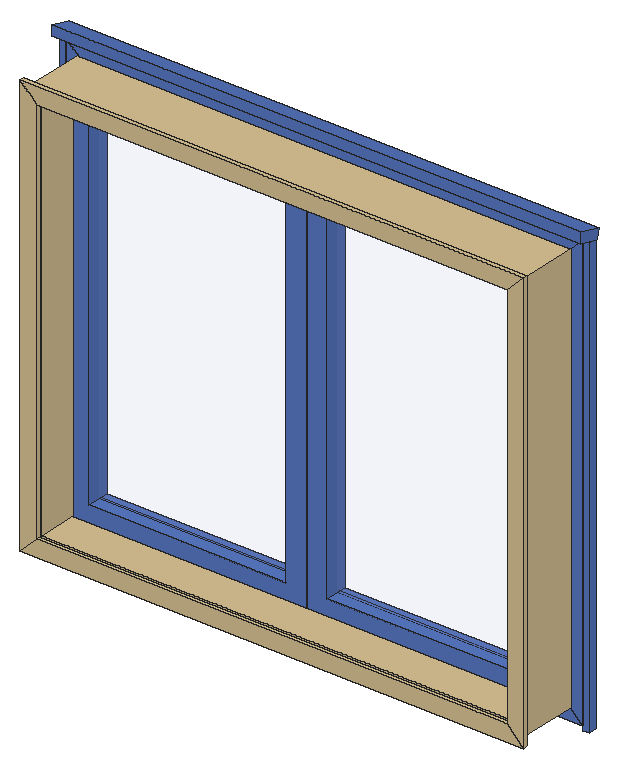
Revit family
Parameters (values of type "1200 x 1000")
  Structural Tolerance = 5 mm
  Rough Width = Width + (2 * Structural Tolerance)  # 1210 mm
  Packer = 25 mm
  Operation = "DoublePanelVertical"
  Keynote = "45-13-002"
  JambRebate = 20 mm
  Height = 1000 mm
  Wall Closure = (empty or 0)
  Width = 1200 mm
  CoverBd_Width = 45 mm
  CoverBd_Offset = 5 mm
  Construction Type = "Timber"
  Assembly Code = ""
Types (5, lengths in mm): name | Rough Width | Keynote | Height | Width
  1200 x 1400 | 1210 | "45-13-005" | 1400 | 1200
  1000 x 1200 | 1010 | "45-13-003" | 1200 | 1000
  1600 x 1400 | 1610 | "45-13-006" | 1400 | 1600
  1800 x 1200 | 1810 | "45-13-004" | 1200 | 1800
  1200 x 1000 | 1210 | "45-13-002" | 1000 | 1200
Reference planes
  plane 1: y = 0
  plane 2 "Center (Left/Right)": x = 18.689
  plane 3 "Frame Left": x = -581.311
  plane 4 "Frame Right": x = 618.689
  plane 5 "Sill": z = 709.8
  plane 6 "Frame Head": z = 1709.8
  plane 7 "Exterior": y = 75
  plane 8 "Interior": y = -75
  plane 9: y = 20
  plane 10: z = 1549.8
  plane 11: y = -75
  plane 12 "Glassline": y = 50
  plane 13: y = 75
  plane 14: z = 2145
  plane 15 "JambRebate": z = 729.8
  plane 16: z = 724.8
  plane 17 "BottomOfScriber": z = 669.8
  plane 18 "Structural Tolerance L": x = -586.311
  plane 19 "Structural Tolerance R": x = 623.689
  plane 20 "Structural Tolerance T": z = 1714.8
  plane 21: x = -271.64
  plane 22: x = 309.019
  plane 23: x = -561.969
  plane 24: x = 599.348
  plane 25: y = 20
  plane 26: x = -611.311
  plane 27: x = 648.689
Forms (mm)
  Sweep 1, solid, detail levels medium+fine
    path origin (0, 75, 0) x (1, 0, 0) y (0, 0, 1)
      loop
        line (618.689, 709.8) -> (618.689, 1709.8) -> (-581.311, 1709.8) -> (-581.311, 709.8) -> (618.689, 709.8)
    profile origin (18.689, 75, 0) x (0, 0, -1) y (0, -1, 0)
      loop
        line (-709.141, 0) -> (-709.141, 150) -> (-741.141, 150) -> (-741.141, 55) -> (-729.141, 55) -> (-729.141, 0) -> (-709.141, 0)
  Sweep 2, solid, detail levels fine
    path origin (0, -75, 0) x (1, 0, 0) y (0, 0, 1)
      loop
        line (-549.969, 741.141) -> (587.348, 741.141) -> (587.348, 1678.458) -> (-549.969, 1678.458) -> (-549.969, 741.141)
    profile origin (18.689, -75, 0) x (0, 0, 1) y (0, -1, 0)
      loop
        line (736.141, 0) -> (736.141, 10) -> (696.141, 10) -> (696.141, 0) -> (736.141, 0)
  Extrusion 3, solid, detail levels medium+fine
    sketch origin (0, 75, 0) x (1, 0, 0) y (0, 0, 1)
      loop
        line (599.348, 729.141) -> (599.348, 1690.458) -> (18.689, 1690.458) -> (18.689, 729.141) -> (599.348, 729.141)
      loop
        line (549.348, 779.141) -> (549.348, 1640.458) -> (68.689, 1640.458) -> (68.689, 779.141) -> (549.348, 779.141)
    from 0 to 55
  Sweep 4, solid, detail levels medium+fine
    path origin (0, 75, 0) x (1, 0, 0) y (0, 0, 1)
      loop
        line (618.689, 709.8) -> (618.689, 1709.8) -> (-581.311, 1709.8) -> (-581.311, 709.8) -> (618.689, 709.8)
    profile origin (18.689, 75, 0) x (0, 0, -1) y (0, -1, 0)
      loop
        line (-679.8, 0) -> (-724.8, 0) -> (-724.8, -15) -> (-679.8, -15) -> (-679.8, 0)
  Sweep 5, solid, detail levels medium+fine
    path origin (0, 75, 0) x (1, 0, 0) y (0, 0, 1)
      loop
        line (663.689, 1739.8) -> (-626.311, 1739.8)
    profile origin (18.689, 0, 0) x (0, 0, -1) y (0, -1, 0)
      loop
        line (-1736.618, -96.876) -> (-1749.178, -50) -> (-1774.178, -50) -> (-1759.943, -103.126) -> (-1736.618, -96.876)
  Extrusion 6, solid, detail levels medium+fine
    sketch origin (0, 0, 669.8) x (0, 1, 0) y (-1, 0, 0)
      loop
        line (75, 611.311) -> (95, 611.311) -> (95, 626.311) -> (75, 626.311) -> (75, 611.311)
    from 0 to 1070
  Extrusion 7, solid, detail levels medium+fine
    sketch origin (0, 0, 669.8) x (0, 1, 0) y (-1, 0, 0)
      loop
        line (75, -648.689) -> (75, -663.689) -> (95, -663.689) -> (95, -648.689) -> (75, -648.689)
    from 0 to 1070
  Extrusion 8, solid, detail levels fine
    sketch origin (-480.659, 75, 0) x (1, 0, 0) y (0, 0, 1)
      loop
        line (449.348, 779.141) -> (449.348, 1640.458) -> (-31.311, 1640.458) -> (-31.311, 779.141) -> (449.348, 779.141)
    from 25 to 19
  Extrusion 9, solid, detail levels fine
    sketch origin (100, 95, 0) x (1, 0, 0) y (0, 0, 1)
      loop
        line (449.348, 779.141) -> (449.348, 1640.458) -> (-31.311, 1640.458) -> (-31.311, 779.141) -> (449.348, 779.141)
    from 45 to 39
  Extrusion 10, solid, detail levels medium+fine
    sketch origin (-480.659, 75, 0) x (1, 0, 0) y (0, 0, 1)
      loop
        line (499.348, 729.141) -> (499.348, 1690.458) -> (-81.311, 1690.458) -> (-81.311, 729.141) -> (499.348, 729.141)
      loop
        line (449.348, 779.141) -> (449.348, 1640.458) -> (-31.311, 1640.458) -> (-31.311, 779.141) -> (449.348, 779.141)
    from 0 to 55
Lines and regions (mm)
  Opening 1
    outline origin (3021.451, -75, 0) x (1, 0, 0) y (0, 0, 1)
      loop
        line (-2397.761, 709.8) -> (-2397.761, 1714.8) -> (-3607.761, 1714.8) -> (-3607.761, 709.8) -> (-2397.761, 709.8)
  symbolic lines, style "Elevation Swing"
    curve 1: line (-561.969, 0, 729.141) -> (-271.64, 0, 1549.8)
    curve 2: line (599.348, 0, 729.141) -> (309.019, 0, 1549.8)
    curve 6: line (18.689, 0, 729.141) -> (-271.64, 0, 1549.8)
    curve 7: line (18.689, 0, 729.141) -> (309.019, 0, 1549.8)
  symbolic lines, style "WindowsGlassProjection", detail levels coarse
    curve 3: line (-581.969, 20, 0) -> (619.348, 20, 0)
  symbolic lines, style "Elevation Swing", detail levels medium
    curve 4: line (309.019, 0, 1549.8) -> (18.689, 0, 729.141)
    curve 5: line (309.019, 0, 1549.8) -> (18.689, 0, 729.141)
  symbolic lines, style "Sash", detail levels coarse
    curve 8: line (-31.311, 75, 0) -> (-31.311, 20, 0)
  symbolic lines, style "Sash", detail levels coarse+medium
    curve 9: line (68.689, 75, 0) -> (68.689, 20, 0)
  symbolic lines, style "Sash", detail levels medium
    curve 10: line (-511.969, 50, 0) -> (-31.311, 50, 0)
    curve 11: line (68.689, 50, 0) -> (549.348, 50, 0)
  symbolic lines, style "WindowsFrameMullionProjection", detail levels coarse
    curve 12: line (619.348, 75, 0) -> (619.348, -75, 0)
    curve 13: line (-581.969, 75, 0) -> (-581.969, -75, 0)
Text (mm)
  text "EXTERIOR" at (-1478.469, 899.698, 0), in view "Ref. Level"
  text "INTERIOR" at (-1428.629, -408.222, 0), in view "Ref. Level"
  text "Exterior" at (0, 923.751, 2943.296), in view "Right"
  text "Exterior" at (0, 1040.484, 2685.409), in view "Left"
Dimensions and locks
  equal spacing: plane 3 "Frame Left", plane 2 "Center (Left/Right)", plane 4 "Frame Right"
  "Width": plane 3 "Frame Left" to plane 4 "Frame Right"
  "Height": plane 5 "Sill" to plane 6 "Frame Head"
  plane 5 "Sill" to level = 709.8 mm
  locked: plane 7 "Exterior" to host wall at 0
  locked: plane 8 "Interior" to host wall
  locked: plane 10 to plane 6 "Frame Head" at 160
  "CoverBd_Width": Sweep 4 to Sweep 4  (x2)
  "JambRebate": plane 5 "Sill" to plane 15 "JambRebate"
  "CoverBd_Offset": plane 16 to plane 15 "JambRebate"
  profile plane to plane 16 = 15 mm
  "CoverBd_Width": Sweep 4 to plane 16
  "Rough Width": plane 18 "Structural Tolerance L" to plane 19 "Structural Tolerance R"
  "Structural Tolerance": plane 6 "Frame Head" to plane 20 "Structural Tolerance T"
  locked: plane 3 "Frame Left" to plane 23 at 19.341
  locked: plane 24 to plane 4 "Frame Right" at 19.341
  equal spacing: plane 23, plane 21, plane 2 "Center (Left/Right)"
  equal spacing: plane 2 "Center (Left/Right)", plane 22, plane 24
  locked: plane 17 "BottomOfScriber" to plane 16 at 55
  locked: plane 25 to plane 7 "Exterior" at 55
  locked: plane 12 "Glassline" to plane 7 "Exterior" at 25
  locked: Extrusion 8 to plane 12 "Glassline" at 6
  locked: Extrusion 9 to Extrusion 9 at 6
  plane 6 "Frame Head" to plane 20 "Structural Tolerance T" = 5 mm
  "Structural Tolerance": plane 18 "Structural Tolerance L" to plane 3 "Frame Left"
  "Packer": plane 26 to plane 18 "Structural Tolerance L"
  "Packer": plane 19 "Structural Tolerance R" to plane 27
  aligned and locked: host wall to Sweep 1 sketch curve
  aligned and locked: plane 8 "Interior" to Sweep 1 sketch curve
  aligned and locked: plane 11 to host wall
  aligned and locked: Sweep 1 to Sweep 2 sketch curve  (x2)
  aligned and locked: Sweep 2 sketch curve to Sweep 1  (x3)
  aligned and locked: plane 13 to host wall
  aligned and locked: Sweep 1 sketch curve to Sweep 1 sketch curve
  aligned and locked: Sweep 1 to Extrusion 3 sketch curve
  aligned and locked: plane 16 to Sweep 4 sketch curve
  aligned and locked: Sweep 4 sketch curve to plane 5 "Sill"
  aligned and locked: Sweep 4 sketch curve to plane 3 "Frame Left"
  aligned and locked: Sweep 1 to curve 3  (x2)
  aligned and locked: Sweep 1 to plane 13  (x2)
  aligned and locked: Sweep 5 sketch curve to plane 12 "Glassline"
  aligned and locked: Sweep 5 sketch curve to Sweep 4
  aligned and locked: Extrusion 6 sketch curve to plane 13
  aligned and locked: plane 13 to Extrusion 7 sketch curve
  aligned and locked: plane 13 to Extrusion 3
  aligned and locked: plane 22 to curve 2
  aligned and locked: plane 21 to curve 1
  aligned and locked: curve 6 to Extrusion 3
  aligned and locked: Sweep 1 to curve 1
  aligned and locked: plane 25 to Sweep 1
  aligned and locked: Extrusion 3 to plane 25
  aligned and locked: plane 12 "Glassline" to Extrusion 8
  aligned and locked: Extrusion 9 to plane 12 "Glassline"
  aligned and locked: plane 25 to Extrusion 3
  aligned and locked: Opening 1 sketch curve to plane 18 "Structural Tolerance L"
  aligned and locked: Opening 1 sketch curve to plane 19 "Structural Tolerance R"
  aligned and locked: plane 20 "Structural Tolerance T" to Opening 1 sketch curve
  aligned and locked: Sweep 1 sketch curve to plane 3 "Frame Left"
  aligned and locked: plane 6 "Frame Head" to Sweep 1 sketch curve
  aligned and locked: plane 4 "Frame Right" to Sweep 1 sketch curve
  aligned and locked: curve 12 to Sweep 1
  aligned and locked: curve 13 to Sweep 1
  aligned and locked: curve 9 to Extrusion 3
  aligned and locked: Sweep 4 sketch curve to plane 6 "Frame Head"
  aligned and locked: Sweep 4 to Extrusion 7
  aligned and locked: Extrusion 6 to Sweep 4
Automatic sketch dimensions
  Opening 1 sketch curve to plane 5 "Sill" = 0 mm
  Sweep 1 sketch curve to plane 7 "Exterior" = 0 mm
  profile plane to Sweep 1 sketch curve = 31.341 mm
  profile plane to Sweep 1 sketch curve = 19.341 mm
  Sweep 1 sketch curve to profile plane = 0.659 mm
  plane 7 "Exterior" to Sweep 1 sketch curve = 55 mm
  profile plane to Sweep 2 sketch curve = 45 mm
  profile plane to Sweep 2 sketch curve = 5 mm
  Sweep 2 sketch curve to Sweep 2 sketch curve = 10 mm
  Sweep 4 sketch curve to plane 4 "Frame Right" = 0 mm
  Sweep 4 sketch curve to plane 7 "Exterior" = 0 mm
  Sweep 4 sketch curve to profile plane = 30 mm
  Sweep 4 sketch curve to plane 7 "Exterior" = 15 mm
  profile plane to Sweep 5 sketch curve = 34.378 mm
  profile plane to Sweep 5 sketch curve = 20.143 mm
  profile plane to Sweep 5 sketch curve = 9.378 mm
  Sweep 5 sketch curve to profile plane = 3.182 mm
  plane 3 "Frame Left" to Sweep 5 sketch curve = 45 mm
  Sweep 5 sketch curve to plane 4 "Frame Right" = 45 mm
  host wall to Extrusion 6 sketch curve = 20 mm
  plane 3 "Frame Left" to Extrusion 6 sketch curve = 30 mm
  Extrusion 6 sketch curve to Extrusion 6 sketch curve = 15 mm
  host wall to Extrusion 7 sketch curve = 20 mm
  Extrusion 7 sketch curve to plane 4 "Frame Right" = 45 mm
  Extrusion 7 sketch curve to Extrusion 7 sketch curve = 15 mm
  Extrusion 3 sketch curve to plane 24 = 0 mm
  plane 2 "Center (Left/Right)" to Extrusion 3 sketch curve = 50 mm
  Extrusion 3 sketch curve to plane 24 = 50 mm
  Extrusion 3 sketch curve to plane 15 "JambRebate" = 49.341 mm
  plane 6 "Frame Head" to Extrusion 3 sketch curve = 69.341 mm
  plane 6 "Frame Head" to Extrusion 3 sketch curve = 19.341 mm
  Extrusion 3 sketch curve to plane 2 "Center (Left/Right)" = 0 mm
  plane 23 to Extrusion 8 sketch curve = 50 mm
  Extrusion 8 sketch curve to plane 2 "Center (Left/Right)" = 50 mm
  Extrusion 8 sketch curve to plane 15 "JambRebate" = 49.341 mm
  plane 6 "Frame Head" to Extrusion 8 sketch curve = 69.341 mm
  curve 5 to plane 10 = 0 mm
  curve 1 to plane 10 = 0 mm
  curve 2 to plane 24 = 0 mm
  curve 1 to plane 23 = 0 mm
  plane 15 "JambRebate" to curve 5 = 0.659 mm
  plane 15 "JambRebate" to curve 2 = 0.659 mm
  plane 2 "Center (Left/Right)" to Extrusion 9 sketch curve = 50 mm
  Extrusion 9 sketch curve to plane 24 = 50 mm
  Extrusion 9 sketch curve to plane 15 "JambRebate" = 49.341 mm
  plane 6 "Frame Head" to Extrusion 9 sketch curve = 69.341 mm
  curve 13 to host wall = 0 mm  (x2)
  curve 12 to host wall = 0 mm  (x2)
  Extrusion 10 sketch curve to plane 23 = 0 mm
  Extrusion 10 sketch curve to plane 2 "Center (Left/Right)" = 0 mm
  plane 23 to Extrusion 10 sketch curve = 50 mm
  Extrusion 10 sketch curve to plane 2 "Center (Left/Right)" = 50 mm
  plane 15 "JambRebate" to Extrusion 10 sketch curve = 0.659 mm
  Extrusion 10 sketch curve to plane 15 "JambRebate" = 49.341 mm
  plane 6 "Frame Head" to Extrusion 10 sketch curve = 69.341 mm
  plane 6 "Frame Head" to Extrusion 10 sketch curve = 19.341 mm
  curve 10 to plane 12 "Glassline" = 0 mm
  curve 8 to plane 9 = 0 mm
  curve 8 to host wall = 0 mm
  curve 11 to plane 12 "Glassline" = 0 mm
  curve 9 to host wall = 0 mm
  plane 23 to curve 10 = 50 mm
  curve 8 to plane 2 "Center (Left/Right)" = 50 mm
  curve 11 to plane 24 = 50 mm
